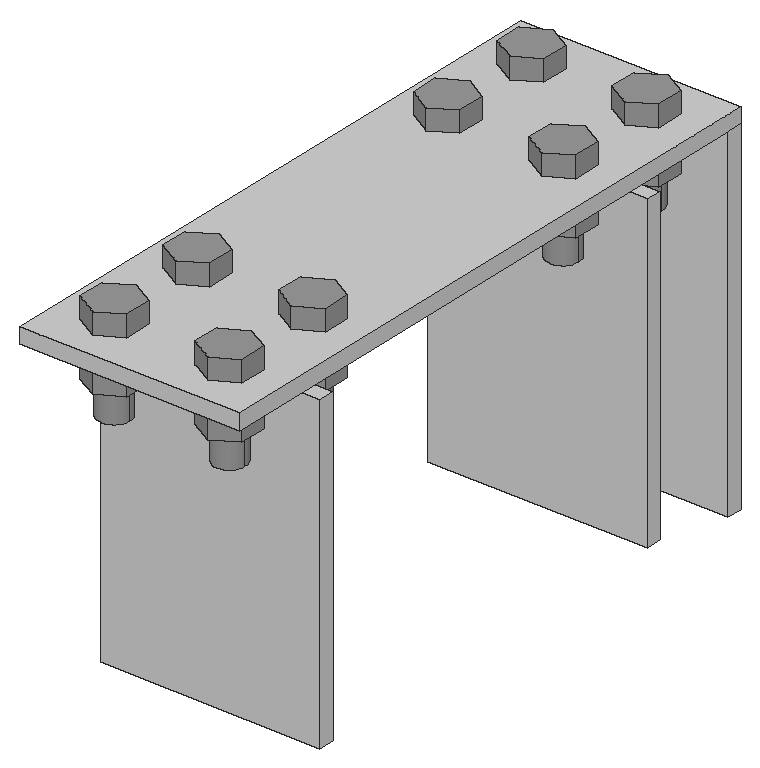
Revit family "051200 - Structural Steel Framing - Moment Frame - Bolted", category Structural Connections, Revit 2019
Family settings
  Material for Model Behavior = Other
  Work Plane-Based = Yes
  Enable cutting in views = Yes
  Always vertical = No
  Cut with Voids When Loaded = No
  Shared = No
Parameters (values of type "1")
  b = 0' - 2 1/2"
  Web Stiffner - Thickness = 0' - 0 3/8"
  Web Stiffiner Material = BOLTED MOMENT FRAME CONNECTION W/ WEB STIFFENERS
  Web - Horz. - Height = 0' - 10 51/256"
  Web - Height = 0' - 8 9/32"
  Plate Material = BOLTED MOMENT FRAME CONNECTION W/ WEB STIFFENERS
  Flange - Thickness = 0' - 0 51/128"
  Default Elevation = 4' - 0"
  Bolt Size = 050523 - W_P_C - Fastenings - Lag Bolt or Thru Bolt : 3/4" x 2"
  Bolt Inset - Vertical = 0' - 1 1/4"
  Bolt Inset - Horz. = 0' - 1 1/4"
  Base Plate - Thickness = 0' - 0 3/8"
  Back Plate - Width = 0' - 5 69/256"
  Back Plate - Height = 1' - 3"
Reference planes (in)
  plane 1 "Center (Front/Back)": y = 0
  plane 2: z = 0
  plane 3 "Center (Left/Right)": x = 0
  plane 4: x = -2.63477
  plane 5: x = 2.63477
  plane 6: z = 4
  plane 7: y = 7.5
  plane 8: y = -7.5
  plane 9: z = -8.28125
  plane 10: z = -0.39844
  plane 11: z = -7.88281
  plane 12: z = 0.375
  plane 13: x = -1.38477
  plane 14: x = 1.38477
  plane 15: y = 6.25
  plane 16: y = 3.75
  plane 17: y = -6.25
  plane 18: y = -3.75
  plane 19: y = 5.09961
  plane 20: y = -5.09961
  plane 21: y = 4.72461
  plane 22: y = -4.72461
  plane 23: y = 7.125
Forms (in)
  Extrusion 1, solid, material "BOLTED MOMENT FRAME CONNECTION W/ WEB STIFFENERS" <- "Plate Material"
    sketch origin (0, 0, 0) x (1, 0, 0) y (0, 1, 0)
      loop
        line (-2.63477, 7.5) -> (-2.63477, -7.5) -> (2.63477, -7.5) -> (2.63477, 7.5) -> (-2.63477, 7.5)
    from 0 to 0.375
  Extrusion 2, solid, material "BOLTED MOMENT FRAME CONNECTION W/ WEB STIFFENERS" <- "Web Stiffiner Material"
    sketch origin (-14.00443, -5.09961, 48) x (-1, 0, 0) y (0, 0, 1)
      loop
        line (-11.36966, -48.39844) -> (-16.63919, -48.39844) -> (-16.63919, -55.88281) -> (-11.36966, -55.88281) -> (-11.36966, -48.39844)
    from 0 to 0.375
  Extrusion 3, solid, material "BOLTED MOMENT FRAME CONNECTION W/ WEB STIFFENERS" <- "Web Stiffiner Material"
    sketch origin (-13.21319, 5.09961, 48) x (-1, 0, 0) y (0, 0, 1)
      loop
        line (-10.57842, -48.39844) -> (-15.84795, -48.39844) -> (-15.84795, -55.88281) -> (-10.57842, -55.88281) -> (-10.57842, -48.39844)
    from 0 to -0.375
  Extrusion 4, solid, material "BOLTED MOMENT FRAME CONNECTION W/ WEB STIFFENERS" <- "Web Stiffiner Material"
    sketch origin (-13.21319, 7.5, 48) x (-1, 0, 0) y (0, 0, 1)
      loop
        line (-10.57842, -48) -> (-15.84795, -48) -> (-15.84795, -56.28125) -> (-10.57842, -56.28125) -> (-10.57842, -48)
    from 0 to -0.375
Dimensions and locks (in)
  equal spacing: plane 4, plane 3 "Center (Left/Right)", plane 5
  plane 6 to plane 2 = 0' - 4"
  equal spacing: plane 7, plane 1 "Center (Front/Back)", plane 8
  "Back Plate - Height": plane 7 to plane 8
  "Back Plate - Width": plane 4 to plane 5
  "Web - Height": plane 9 to plane 2
  "Flange - Thickness": plane 10 to plane 2
  "Flange - Thickness": plane 9 to plane 11
  "Base Plate - Thickness": plane 2 to plane 12
  "Bolt Inset - Horz.": plane 4 to plane 13
  "Bolt Inset - Horz.": plane 14 to plane 5
  "Bolt Inset - Vertical": plane 7 to plane 15
  "b": plane 15 to plane 16
  "Bolt Inset - Vertical": plane 17 to plane 8
  "b": plane 18 to plane 17
  equal spacing: plane 20, plane 1 "Center (Front/Back)", plane 19
  "Web - Horz. - Height": plane 20 to plane 19
  "Web Stiffner - Thickness": plane 21 to plane 19
  "Web Stiffner - Thickness": plane 20 to plane 22
  "Web Stiffner - Thickness": plane 7 to plane 23
  aligned and locked: plane 2 to level
  aligned and locked: Extrusion 1 sketch curve to plane 7
  aligned and locked: Extrusion 1 sketch curve to plane 5
  aligned and locked: plane 8 to Extrusion 1 sketch curve
  aligned and locked: plane 4 to Extrusion 1 sketch curve
  aligned and locked: plane 12 to Extrusion 1
  aligned and locked: Extrusion 2 sketch curve to plane 5
  aligned and locked: Extrusion 2 sketch curve to plane 10
  aligned and locked: plane 4 to Extrusion 2 sketch curve
  aligned and locked: plane 11 to Extrusion 2 sketch curve
  aligned and locked: plane 14 to nested 2
  aligned and locked: nested 4 to plane 16
  aligned and locked: nested 3 to plane 16
  aligned and locked: nested 8 to plane 17
  aligned and locked: nested 7 to plane 17
  aligned and locked: nested 6 to plane 18
  aligned and locked: nested 5 to plane 18
  aligned and locked: plane 13 to nested 5
  aligned and locked: plane 14 to nested 6
  aligned and locked: plane 14 to nested 8
  aligned and locked: plane 13 to nested 7
  aligned and locked: plane 14 to nested 4
  aligned and locked: plane 13 to nested 3
  aligned and locked: plane 13 to nested 1
  aligned and locked: plane 10 to nested 8
  aligned and locked: plane 10 to nested 4
  aligned and locked: plane 10 to nested 2
  aligned and locked: plane 10 to nested 7
  aligned and locked: plane 10 to nested 5
  aligned and locked: plane 10 to nested 3
  aligned and locked: plane 10 to nested 1
  aligned and locked: Extrusion 3 to plane 21
  aligned and locked: plane 22 to Extrusion 2
  aligned and locked: nested 2 to plane 15
  aligned and locked: nested 1 to plane 15
  aligned and locked: Extrusion 4 to plane 23
  aligned and locked: plane 10 to nested 6
  aligned and locked: Extrusion 4 sketch curve to plane 2
  aligned and locked: plane 9 to Extrusion 4 sketch curve
Automatic sketch dimensions
  Extrusion 3 sketch curve to plane 5 = 0' - 0"
  Extrusion 3 sketch curve to plane 4 = 0' - 0"
  Extrusion 3 sketch curve to plane 11 = 0' - 0"
  Extrusion 3 sketch curve to plane 10 = 0' - 0"
  Extrusion 4 sketch curve to plane 5 = 0' - 0"
  Extrusion 4 sketch curve to plane 4 = 0' - 0"
Nested families (in)
  nested 1: "050523 - W_P_C - Fastenings - Lag Bolt or Thru Bolt" at (-1.38477, 6.25, 0.375), type <- "Bolt Size", type "3/4" x 2""
    with Thickness_of_Substrate 0' - 0 99/128", Nut_Visibility yes
  nested 2: "050523 - W_P_C - Fastenings - Lag Bolt or Thru Bolt" at (1.38477, 6.25, 0.375), type <- "Bolt Size", type "3/4" x 2""
    with Thickness_of_Substrate 0' - 0 99/128", Nut_Visibility yes
  nested 3: "050523 - W_P_C - Fastenings - Lag Bolt or Thru Bolt" at (-1.38477, 3.75, 0.375), type <- "Bolt Size", type "3/4" x 2""
    with Thickness_of_Substrate 0' - 0 99/128", Nut_Visibility yes
  nested 4: "050523 - W_P_C - Fastenings - Lag Bolt or Thru Bolt" at (1.38477, 3.75, 0.375), type <- "Bolt Size", type "3/4" x 2""
    with Thickness_of_Substrate 0' - 0 99/128", Nut_Visibility yes
  nested 5: "050523 - W_P_C - Fastenings - Lag Bolt or Thru Bolt" at (-1.38477, -3.75, 0.375), type <- "Bolt Size", type "3/4" x 2""
    with Thickness_of_Substrate 0' - 0 99/128", Nut_Visibility yes
  nested 6: "050523 - W_P_C - Fastenings - Lag Bolt or Thru Bolt" at (1.38477, -3.75, 0.375), type <- "Bolt Size", type "3/4" x 2""
    with Thickness_of_Substrate 0' - 0 99/128", Nut_Visibility yes
  nested 7: "050523 - W_P_C - Fastenings - Lag Bolt or Thru Bolt" at (-1.38477, -6.25, 0.375), type <- "Bolt Size", type "3/4" x 2""
    with Thickness_of_Substrate 0' - 0 99/128", Nut_Visibility yes
  nested 8: "050523 - W_P_C - Fastenings - Lag Bolt or Thru Bolt" at (1.38477, -6.25, 0.375), type <- "Bolt Size", type "3/4" x 2""
    with Thickness_of_Substrate 0' - 0 99/128", Nut_Visibility yes
Definition of nested family "050523 - W_P_C - Fastenings - Lag Bolt or Thru Bolt"
  Parameters (values of type "3/4" x 2"")
    Thickness_of_Substrate [instance] = 0' - 1"
    Side = Head Size * 0.57812  # 0' - 0.65039"
    Radius = Diameter / 2  # 0' - 0 3/8"
    Nut_Visibility [instance] = yes
    Length = 0' - 2"
    Head Size = 0' - 1 1/8"
    Head Radius = Head Size / 2  # 0' - 0 9/16"
    Head Height = 0' - 0 1/2"
    Diameter = 0' - 0 3/4"
    Default Elevation = 4' - 0"
    Bolt Material (Size) = none
  Types (23): name | Side | Radius | Length | Head Size | Head Radius | Head Height | Diameter
    1/2" x 3" | 0' - 0 111/256" | 0' - 0 1/4" | 0' - 3" | 0' - 0 3/4" | 0' - 0 3/8" | 0' - 0 27/64" | 0' - 0 1/2"
    1/4" x 3" | 0' - 0.25293" | 0' - 0 1/8" | 0' - 3" | 0' - 0 7/16" | 0' - 0 7/32" | 0' - 0 11/64" | 0' - 0 1/4"
    5/16" x 3" | 0' - 0 37/128" | 0' - 0 5/32" | 0' - 3" | 0' - 0 1/2" | 0' - 0 1/4" | 0' - 0 7/32" | 0' - 0 5/16"
    3/8" x 3" | 0' - 0.3252" | 0' - 0 3/16" | 0' - 3" | 0' - 0 9/16" | 0' - 0 9/32" | 0' - 0 1/4" | 0' - 0 3/8"
    7/16" x 3" | 0' - 0.36133" | 0' - 0 7/32" | 0' - 3" | 0' - 0 5/8" | 0' - 0 5/16" | 0' - 0 19/64" | 0' - 0 7/16"
    5/8" x 3" | 0' - 0.54199" | 0' - 0 5/16" | 0' - 3" | 0' - 0 15/16" | 0' - 0 15/32" | 0' - 0 27/64" | 0' - 0 5/8"
    1/2" x 2 1/2" | 0' - 0 111/256" | 0' - 0 1/4" | 0' - 2 1/2" | 0' - 0 3/4" | 0' - 0 3/8" | 0' - 0 11/32" | 0' - 0 1/2"
    3/4" x 2" | 0' - 0.65039" | 0' - 0 3/8" | 0' - 2" | 0' - 1 1/8" | 0' - 0 9/16" | 0' - 0 1/2" | 0' - 0 3/4"
    3/8" x 1" | 0' - 0.3252" | 0' - 0 3/16" | 0' - 1" | 0' - 0 9/16" | 0' - 0 9/32" | 0' - 0 1/4" | 0' - 0 3/8"
    1/2" x 4" | 0' - 0 111/256" | 0' - 0 1/4" | 0' - 4" | 0' - 0 3/4" | 0' - 0 3/8" | 0' - 0 1/2" | 0' - 0 1/2"
    1/2" x 2" | 0' - 0 111/256" | 0' - 0 1/4" | 0' - 2" | 0' - 0 3/4" | 0' - 0 3/8" | 0' - 0 1/2" | 0' - 0 1/2"
    ONE | 0' - 0 111/128" | 0' - 0 1/2" | 0' - 3" | 0' - 1 1/2" | 0' - 0 3/4" | 0' - 0 151/256" | 0' - 1"
    3/4" x 4" | 0' - 0.65039" | 0' - 0 3/8" | 0' - 3" | 0' - 1 1/8" | 0' - 0 9/16" | 0' - 0 1/2" | 0' - 0 3/4"
    #10 | 0' - 0.1626" | 0' - 0.09961" | 0' - 4" | 0' - 0 9/32" | 0' - 0 9/64" | 0' - 0 1/8" | 0' - 0 51/256"
    1/4" | 0' - 0.25293" | 0' - 0 1/8" | 0' - 4" | 0' - 0 7/16" | 0' - 0 7/32" | 0' - 0 11/64" | 0' - 0 1/4"
    1" | 0' - 0 111/128" | 0' - 0 1/2" | 0' - 4" | 0' - 1 1/2" | 0' - 0 3/4" | 0' - 0 43/64" | 0' - 1"
    7/8" | 0' - 0.75879" | 0' - 0 7/16" | 0' - 4" | 0' - 1 5/16" | 0' - 0 21/32" | 0' - 0 37/64" | 0' - 0 7/8"
    5/8" | 0' - 0.54199" | 0' - 0 5/16" | 0' - 2" | 0' - 0 15/16" | 0' - 0 15/32" | 0' - 0 27/64" | 0' - 0 5/8"
    1/2" | 0' - 0 111/256" | 0' - 0 1/4" | 0' - 4" | 0' - 0 3/4" | 0' - 0 3/8" | 0' - 0 1/2" | 0' - 0 1/2"
    3/4" | 0' - 0.65039" | 0' - 0 3/8" | 0' - 7" | 0' - 1 1/8" | 0' - 0 9/16" | 0' - 0 1/2" | 0' - 0 3/4"
    3/8" | 0' - 0.3252" | 0' - 0 3/16" | 0' - 4" | 0' - 0 9/16" | 0' - 0 9/32" | 0' - 0 1/4" | 0' - 0 3/8"
    5/8" x 6" | 0' - 0.54199" | 0' - 0 5/16" | 0' - 6" | 0' - 0 15/16" | 0' - 0 15/32" | 0' - 0 27/64" | 0' - 0 5/8"
    5/8" x 7" | 0' - 0.54199" | 0' - 0 5/16" | 0' - 7" | 0' - 0 15/16" | 0' - 0 15/32" | 0' - 0 27/64" | 0' - 0 5/8"
  Reference planes (in)
    plane 1 "Center (Front/Back)": y = 0
    plane 2: z = 0
    plane 3 "Center (Left/Right)": x = 0
    plane 4: z = 0.5
    plane 5: z = -2
    plane 6: y = 0
    plane 7: x = 0
    plane 8: z = -1
  Forms (in)
    Extrusion 1, solid, material <- "Bolt Material (Size)"
      sketch origin (0, 0, 0) x (1, 0, 0) y (0, 1, 0)
        loop
          circle (0, 0) r 0.375
      from -2 to 0
  Lines and regions (in)
    model lines
      curve 1: line (0, -0.64952, 0.5) -> (0, 0.64952, 0.5)
      curve 2: line (0.5625, 0, 0.5) -> (-0.5625, 0, 0.5)
    symbolic lines
      curve 3: line (0, 0, 0.5) -> (0, 0, -2)
      curve 4: line (0, 0, 0.5) -> (0, 0, -2)
  Dimensions and locks (in)
    "Head Height": plane 4 to level
    "Length": level to plane 5
    "Thickness_of_Substrate": plane 2 to plane 8
    "Radius": radius of Extrusion 1 sketch curve
    aligned and locked: level to plane 2
    aligned and locked: Extrusion 1 to plane 5
    aligned and locked: plane 7 to curve 1
    aligned and locked: plane 6 to curve 2
    aligned and locked: plane 6 to curve 4
  Automatic sketch dimensions
    curve 3 to plane 3 "Center (Left/Right)" = 0' - 0"
    curve 3 to plane 5 = 0' - 0"
    curve 3 to plane 4 = 0' - 0"
    curve 4 to plane 5 = 0' - 0"
    curve 4 to plane 4 = 0' - 0"
    curve 1 to curve 2 = 0' - 0.64952"
    curve 2 to curve 1 = 0' - 0.64952"
    curve 2 to nested 1 = 0' - 0"  (x2)
    plane 1 "Center (Front/Back)" to Extrusion 1 sketch curve = 0' - 0"
    Extrusion 1 sketch curve to plane 3 "Center (Left/Right)" = 0' - 0"
  Nested families (in)
    nested 1: "Nut" at (0, 0, 0), Diameter <- "Diameter", Head Height <- "Head Height", Head Size <- "Head Size", Bolt Material (Size) <- "Bolt Material (Size)", type "one"
      with Side 0' - 0.65039", Radius 0' - 0 3/8", Head Size 0' - 1 1/8", Head Radius 0' - 0 9/16", Head Height 0' - 0 1/2", Diameter 0' - 0 3/4", Bolt Material (Size) none
    nested 2: "Nut" at (0, 0, -1) x (1, 0, 0) z (0, 0, -1), Diameter <- "Diameter", Head Height <- "Head Height", Head Size <- "Head Size", visible <- "Nut_Visibility", Bolt Material (Size) <- "Bolt Material (Size)", type "one"
      with Side 0' - 0.65039", Radius 0' - 0 3/8", Head Size 0' - 1 1/8", Head Radius 0' - 0 9/16", Head Height 0' - 0 1/2", Diameter 0' - 0 3/4", Bolt Material (Size) none
  Definition of nested family "Nut"
    Parameters (values of type "one")
      Side [instance] = Head Size * 0.57812  # 0' - 0 111/256"
      Radius [instance] = Diameter / 2  # 0' - 0 1/4"
      Head Size [instance] = 0' - 0 3/4"
      Head Radius [instance] = Head Size / 2  # 0' - 0 3/8"
      Head Height [instance] = 0' - 0 11/32"
      Diameter [instance] = 0' - 0 1/2"
      Default Elevation = 4' - 0"
      Bolt Material (Size) [instance] = none
    Reference planes (in)
      plane 1 "Center (Front/Back)": y = 0
      plane 2: z = 0
      plane 3 "Center (Left/Right)": x = 0
      plane 4: z = 0.34375
      plane 5: y = 0
      plane 6: x = 0
    Forms (in)
      Extrusion 1, solid, material <- "Bolt Material (Size)"
        sketch origin (0, 0, 0) x (1, 0, 0) y (0, 1, 0)
          loop
            line (0, 0.43301) -> (-0.375, 0.21651) -> (-0.375, -0.21651) -> (0, -0.43301) -> (0.375, -0.21651) -> (0.375, 0.21651) -> (0, 0.43301)
        from 0 to 0.34375
    Lines and regions (in)
      symbolic lines
        curve 1: line (0, 0, 0.34375) -> (0, 0, -3)
    Dimensions and locks (in)
      "Head Height": plane 4 to level
      "Head Radius": Extrusion 1 sketch curve to plane 3 "Center (Left/Right)"
      "Head Radius": Extrusion 1 sketch curve to plane 6
      "Head Radius": Extrusion 1 sketch curve to plane 5  (x2)
      locked: Extrusion 1 sketch curve to Extrusion 1 sketch curve (angle 120.00°)  (x5)
      aligned and locked: level to plane 2
      aligned and locked: Extrusion 1 to plane 4
      aligned and locked: plane 5 to curve 1
    Automatic sketch dimensions
      curve 1 to plane 4 = 0' - 0"
      curve 1 to level = 0' - 3"
      Extrusion 1 sketch curve to plane 3 "Center (Left/Right)" = 0' - 0"  (x2)
